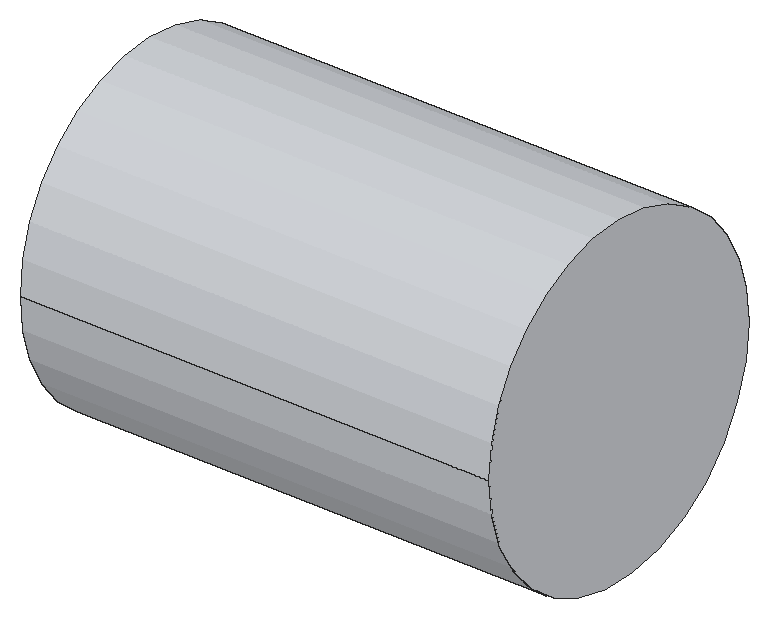
Revit family "União - CPVC - HW", category Conexões de tubo, Revit 2019
Family settings
  Cota do conector redondo = Usar raio
  Tipo de parte = União
  Com base no plano de trabalho = Não
  Sempre na vertical = Sim
  Corte com vazios quando carregada = Não
  Compartilhado = Não
Parameters (values of type "Padrão")
  Tamanho da marca de revisão [instance] = Diâmetro externo da conexão * 0.4  # 9.80 mm
  Model = ""
  Manufacturer = ""
  Nome da tabela de pesquisa = "BR_Coupling - CPVC - HW"
  Raio externo da conexão [instance] = Diâmetro externo da conexão / 2  # 12.25 mm
  Diâmetro externo da conexão [instance] = size_lookup(Nome da tabela de pesquisa, "FOD", 1.0817 * Diâmetro nominal + 2.50 mm, Diâmetro nominal)  # 24.50 mm
  Comprimento [instance] = size_lookup(Nome da tabela de pesquisa, "Lgt", 1.1523 * Diâmetro nominal + 11.20 mm, Diâmetro nominal)  # 35.40 mm
  Raio nominal [instance] = 10.00 mm
  Diâmetro nominal [instance] = Raio nominal * 2  # 20.00 mm
  Método de perda = Coeficiente K da tabela
  Tabela de coeficiente K = "Redutor/Acoplamento/União/Redutor"
  Description = ""
Reference planes
  plane 1 "Centro (Frente/Trás)": y = 0
  plane 2: z = 0
  plane 3 "Centro (Esquerda/Direita)": x = 0
  plane 4: x = -17.7
  plane 5: x = 17.7
  plane 6: y = 9.8
  plane 7: y = -9.8
  plane 8: x = 0
  plane 9: x = 0
Forms (mm)
  Sweep 1, solid, detail levels fine
    path in 3D
      loop
        line (-17.7, 0, 0) -> (17.7, 0, 0)
    profile origin (0, 0, 0) x (0, 1, 0) y (0, 0, 1)
      loop
        circle (0, 0) r 12.25
Lines and regions (mm)
  model lines, detail levels coarse+medium
    curve 1: line (-17.7, 9.8, 0) -> (-17.7, -9.8, 0)
    curve 2: line (17.7, 9.8, 0) -> (17.7, -9.8, 0)
    curve 3: line (-17.7, 0, 0) -> (17.7, 0, 0)
  sketch lines
    curve 4: line (-17.7, 0, 0) -> (17.7, 0, 0)
Dimensions and locks
  "Tamanho da marca de revisão": plane 1 "Centro (Frente/Trás)" to plane 6
  equal spacing: plane 4, plane 3 "Centro (Esquerda/Direita)", plane 5
  "Comprimento": plane 4 to plane 5
  equal spacing: plane 7, plane 1 "Centro (Frente/Trás)", plane 6
  "Raio externo da conexão": radius of Sweep 1 sketch curve
  aligned and locked: plane 6 to curve 1
  aligned and locked: plane 7 to curve 1
  aligned and locked: curve 1 to plane 4
  aligned and locked: plane 6 to curve 2
  aligned and locked: plane 7 to curve 2
  aligned and locked: plane 5 to curve 2
  aligned and locked: curve 1 to curve 3
  aligned and locked: curve 2 to curve 3
Automatic sketch dimensions
  plane 1 "Centro (Frente/Trás)" to curve 3 = 0.00 mm
  Sweep 1 sketch curve to profile plane = 0.00 mm  (x2)
Connectors
  piping at (-17.7, 0, 0), diameter 20, driven by "Raio nominal"
    settings: on Sweep 1, index 1, connector inside diameter 20.00 mm, connector length 0.00 mm, flow factor 0, pipe flow 0.0 L/s, pressure drop 0.0 Pa, fitting loss kfactor 0, connector angle 0.00°, fixture units 0, engagement length 0.00 mm, angle of deflection 0.00°, flow configuration 0, flow direction 0, fitting loss method 0, system type 28, joint type 0, gender type 0, connector reference index 2, connector utility 0, adjustable connector no, is connector primary yes, connector description ""
  piping at (17.7, 0, 0), diameter 20, driven by "Raio nominal"
    settings: on Sweep 1, index 2, connector inside diameter 20.00 mm, connector length 0.00 mm, flow factor 0, pipe flow 0.0 L/s, pressure drop 0.0 Pa, fitting loss kfactor 0, connector angle 0.00°, fixture units 0, engagement length 0.00 mm, angle of deflection 0.00°, flow configuration 0, flow direction 0, fitting loss method 0, system type 28, joint type 0, gender type 0, connector reference index 1, connector utility 0, adjustable connector no, is connector primary no, connector description ""
